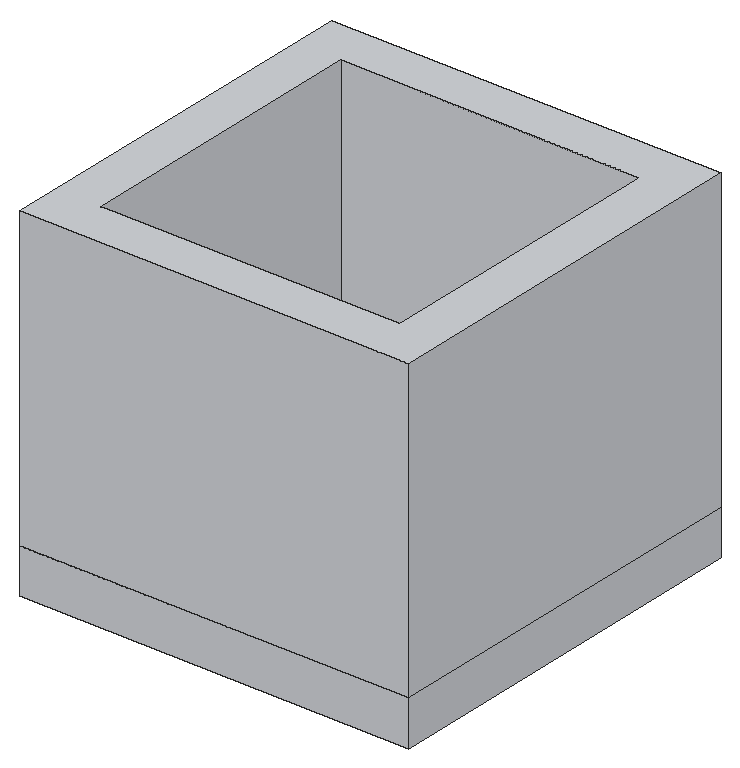
Revit family "ECS_Manhole_Template", category Conduit Fittings, Revit 2024
Family settings
  Round Connector Dimension = Use Diameter
  Part Type = Transition
  OmniClass Number = 23.80.30.11.17
  OmniClass Title = Distribution Boards and Control Panels
  Work Plane-Based = No
  Always vertical = Yes
  Cut with Voids When Loaded = No
  Shared = No
Parameters
  Width = 1000 mm
  Wall thickness = 150 mm
  Length = 1000 mm
  Invert level = -Depth  # -1000 mm
  Depth = 1000 mm
  Default Elevation = 0 mm
  Bottom level = -Depth - Wall thickness  # -1150 mm
Reference planes
  plane 1 "Center (Front/Back)": y = 0
  plane 2: z = 0
  plane 3 "Center (Left/Right)": x = 0
  plane 4: y = 500
  plane 5: y = -500
  plane 6: x = -500
  plane 7: x = 500
  plane 8: x = -650
  plane 9: x = 650
  plane 10: y = 650
  plane 11: y = -650
  plane 12 "Invert Level": z = -1000
  plane 13 "Bottom level": z = -1150
Forms (mm)
  Extrusion 1, solid
    sketch origin (0, 0, 0) x (1, 0, 0) y (0, 1, 0)
      loop
        line (-650, 650) -> (-650, -650) -> (650, -650) -> (650, 650) -> (-650, 650)
      loop
        line (-500, 500) -> (-500, -500) -> (500, -500) -> (500, 500) -> (-500, 500)
    from -1000 <- "Invert level" to 0 <- "Default Elevation"
  Extrusion 2, solid
    sketch origin (0, 0, 0) x (1, 0, 0) y (0, 1, 0)
      loop
        line (-650, 650) -> (-650, -650) -> (650, -650) -> (650, 650) -> (-650, 650)
    from -1150 <- "Bottom level" to -1000 <- "Invert level"
Dimensions and locks
  equal spacing: plane 6, plane 3 "Center (Left/Right)", plane 7
  equal spacing: plane 5, plane 1 "Center (Front/Back)", plane 4
  "Width": plane 5 to plane 4
  "Length": plane 6 to plane 7
  "Wall thickness": plane 8 to plane 6
  "Wall thickness": plane 7 to plane 9
  "Wall thickness": plane 4 to plane 10
  "Wall thickness": plane 11 to plane 5
  "Wall thickness": plane 12 "Invert Level" to plane 13 "Bottom level"
  "Depth": level to plane 12 "Invert Level"
  aligned and locked: level to plane 2
Automatic sketch dimensions
  Extrusion 1 sketch curve to plane 8 = 0 mm
  plane 4 to Extrusion 1 sketch curve = 0 mm
  Extrusion 1 sketch curve to plane 6 = 0 mm
  Extrusion 1 sketch curve to plane 7 = 0 mm
  Extrusion 1 sketch curve to plane 9 = 0 mm
  plane 11 to Extrusion 1 sketch curve = 0 mm
  plane 5 to Extrusion 1 sketch curve = 0 mm
  plane 10 to Extrusion 1 sketch curve = 0 mm
  Extrusion 2 sketch curve to plane 8 = 0 mm
  Extrusion 2 sketch curve to plane 9 = 0 mm
  plane 11 to Extrusion 2 sketch curve = 0 mm
  plane 10 to Extrusion 2 sketch curve = 0 mm
